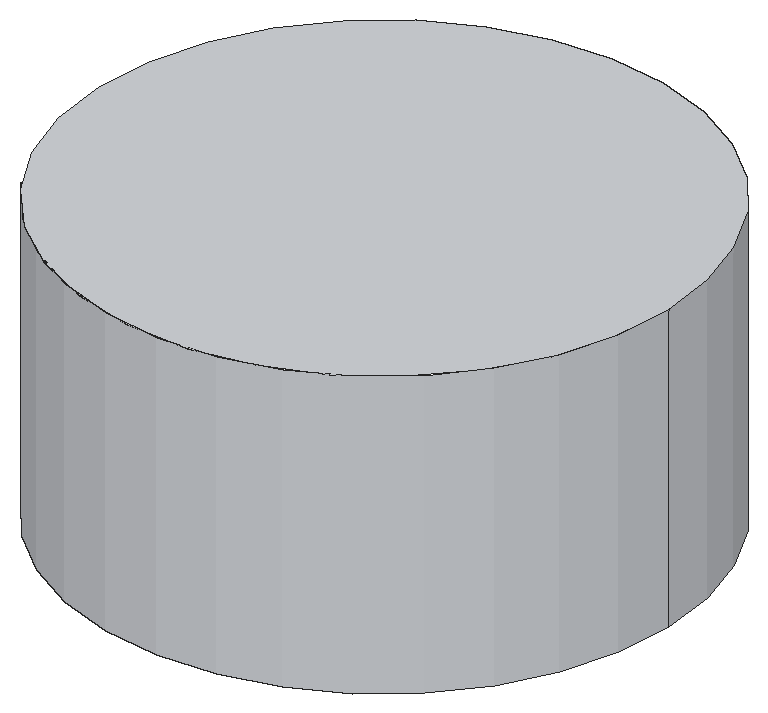
Revit family "Atlas_Sound_M1000R_Ceiling_Mounted", category Communication Devices, host Ceiling, Revit 2026
Family settings
  Host = Ceiling
  Round Connector Dimension = Use Diameter
  Part Type = Normal
  Always vertical = Yes
  Cut with Voids When Loaded = No
  Maintain Annotation Orientation = No
  Shared = No
  Room Calculation Point = No
Parameters
  Warranty Duration (Years) = 0
  URL = "https://www.atlasied.com/m1000r"
  Specification = ""
  SpecWizard = ""
  Send Message = ""
  Sales Information = ""
  Revision = ""
  Product Properties = ""
  Product Data = "https://www.atlasied.com/f/2380/ATS003761_M1000R-W_Data.pdf"
  OmniClass Title = ""
  OmniClass Number = ""
  MasterFormat04 Keynote = ""
  Manufacturer's Notes = ""
  Manufacturer Website = "https://www.atlasied.com/"
  Manufacturer Phone - Toll Free = "800-876-3333"
  Manufacturer Phone = "602-438-4545"
  Manufacturer Fax = "602-438-8692"
  Manufacturer Email = ""
  Manufacturer Address = "4545 E. Baseline Rd. Phoenix, AZ 85040"
  Manufacturer = "Atlas Sound"
  Maintenance Schedule (Months) = 0
  Installation-Fabrication = "https://www.atlasied.com/f/2380/ATS003761_M1000R-W_Data.pdf"
  Installation Phase = ""
  Green Building-LEED = ""
  Expected Lifespan (Years) = 0
  Drawn By = "Matt Wunch"
  Description = "8\" Dual cone sound masking speaker with 4-watt 70v transformer and enclosure - round"
  Default Elevation = 0' - 0"
  Copyright = "Arcat, Inc. ©2018"
  Construction Details = ""
  Company_ID = 0
  Category = ""
  Building Codes = ""
Reference planes (in)
  plane 1 "Center (Front/Back)": y = 0
  plane 2 "Ceiling": z = 96
  plane 3 "Center (Left/Right)": x = 0
Forms (in)
  Extrusion 1, solid
    sketch origin (0, 0, 96) x (1, 0, 0) y (0, 1, 0)
      loop
        circle (0, 0) r 4
    from -0.0625 to 3.9375
Lines and regions (in)
  symbolic lines
    curve 1: circle (0, 0, 96) r 2 normal (0, 0, 1)
Dimensions and locks (in)
  equal spacing: host sketch curve, plane 3 "Center (Left/Right)", host sketch curve
  equal spacing: host sketch curve, plane 1 "Center (Front/Back)", host sketch curve
  host sketch curve to host sketch curve = 10' - 0"  (x2)
Connectors (in)
  electrical at (0, 0, 99.9375)
    settings: on Extrusion 1, index 1, voltage 0 V, apparent load 0 VA, apparent load phase1 0 VA, apparent load phase2 0 VA, apparent load phase3 0 VA, power factor 1, load classification "Other", number of poles 1, system type 14, power factor state 1, is connector primary yes, connector utility no, sub classification motor no, connector description ""
